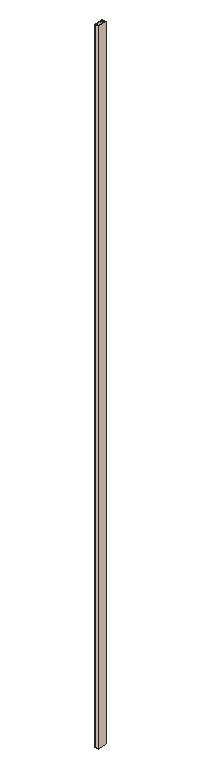
Revit family "SQ-BAR4020", category 機械設備, Revit 2020
Family settings
  丸型コネクタ寸法 = 直径を使用
  種別 = なし
  パーツ タイプ = 標準
  作業面ベース = いいえ
  常に垂直 = はい
  ロード時にボイドで切り取り = いいえ
  共有 = いいえ
  部屋計算ポイント = いいえ
Parameters
  製造元 = "株式会社桐井製作所"
  既定の高さ = 0 mm
  URL = "https://www.kirii.co.jp/"
  K_長さ(mm) [instance] = 3000 mm
  K_材質 = "SGCC　一般用"
  K_断面積A(mm2) = 57
  K_断面係数Zy(mm3) = 575.7
  K_断面係数Zx(mm3) = 374.1
  K_断面2次半径iy(mm) = 14.9
  K_断面2次半径ix(mm) = 8.1
  K_断面2次モーメントIy(mm4) = 12630
  K_断面2次モーメントIx(mm4) = 3741
  K_外形寸法(mm) = "□40×20"
  K_品名 = "SQ-BAR4020"
  K_名称 = "角型スタッド"
  K_単位質量(kg/m) = 0.464
  K_ヤング係数E(N/mm2) = 205000
  K_バージョン情報 = "20210524"
  K_めっき付着量 = "Z08"
  K_JIS規格 = "JIS G 3302"
Reference planes
  plane 1 "中心(正面/背面)": y = 0
  plane 2: z = 0
  plane 3 "中心(左/右)": x = 0
  plane 4: x = 10
  plane 5: x = -10
  plane 6: y = 20
  plane 7: z = 3000
  plane 8: y = -20
Forms (mm)
  Extrusion 1, solid
    sketch origin (0.5, -20, 0) x (1, 0, 0) y (0, 1, 0)
      loop
        line (-10.5, 40) -> (-10.5, 0) -> (9.5, 0) -> (9.5, 40) -> (-10.5, 40)
      loop
        line (-10, 39.5) -> (-10, 0.5) -> (9, 0.5) -> (9, 39.5) -> (-10, 39.5)
    from 0 to 3000
Dimensions and locks
  locked: Extrusion 1 sketch curve to Extrusion 1 sketch curve at 0.5  (x4)
  "K_長さ(mm)": plane 7 to level
  aligned and locked: level to plane 2
  aligned and locked: Extrusion 1 sketch curve to plane 6
  aligned and locked: plane 7 to Extrusion 1
  aligned and locked: plane 4 to Extrusion 1
  aligned and locked: Extrusion 1 to plane 5
Automatic sketch dimensions
  Extrusion 1 sketch curve to plane 4 = 0.5 mm
  plane 5 to Extrusion 1 sketch curve = 0.5 mm
  plane 1 "中心(正面/背面)" to Extrusion 1 sketch curve = 19.5 mm
